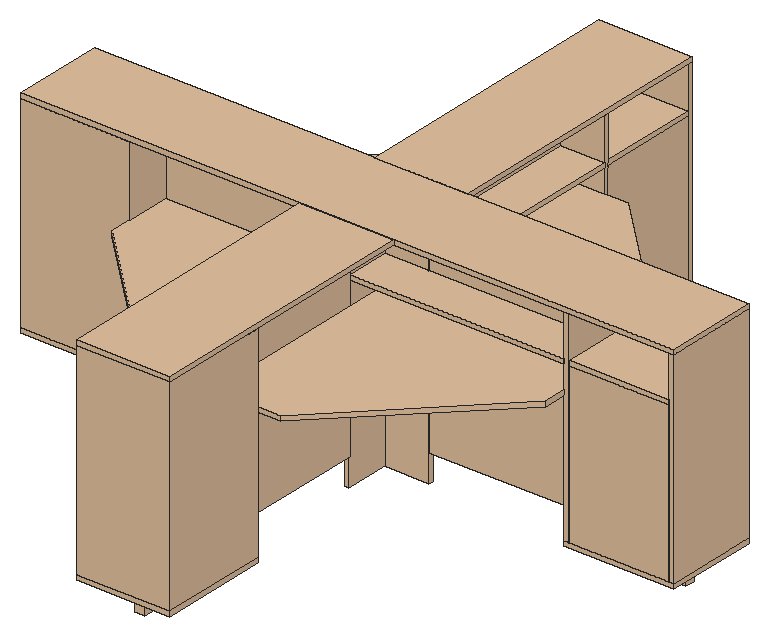
Revit family
Parameters
  Carrel Material = Wood
  Height = 1000 mm
  Height-Table = 700 mm
  Width = 400 mm
  Length = 930 mm
Reference planes
  plane 1 "Light Source Axis (F/B)": y = -375.68
  plane 2: z = 0
  plane 3 "Light Source Axis (L/R)": x = -1112.88
  plane 4 "Light Source Elevation": z = 900
  plane 5 "Center(Left/Right)": x = -372.88
  plane 6 "Center(Front/Back)": y = -275.68
  plane 7: x = -172.88
  plane 8: x = -572.88
  plane 9: y = -75.68
  plane 10: y = -475.68
  plane 11: y = 1124.32
  plane 12: y = -1675.68
  plane 13: x = -1772.88
  plane 14: x = 1027.12
  plane 15: z = 1000
  plane 16: z = 700
  plane 17: x = -1302.88
  plane 18: x = 557.12
  plane 19: y = 654.32
  plane 20: y = -1205.68
Forms (mm)
  Extrusion 1, solid, material "Wood" <- "Carrel Material"
    sketch origin (0, 0, 0) x (1, 0, 0) y (0, 1, 0)
      loop
        line (-1772.88, -75.68) -> (-1772.88, -475.68) -> (1027.12, -475.68) -> (1027.12, -75.68) -> (-1772.88, -75.68)
    from 1000 to 1020
  Extrusion 2, solid, material "Wood" <- "Carrel Material"
    sketch origin (0, 0, 0) x (1, 0, 0) y (0, 1, 0)
      loop
        line (-572.88, 1124.32) -> (-572.88, -75.68) -> (-172.88, -75.68) -> (-172.88, 1124.32) -> (-572.88, 1124.32)
      loop
        line (-572.88, -475.68) -> (-572.88, -1675.68) -> (-172.88, -1675.68) -> (-172.88, -475.68) -> (-572.88, -475.68)
    from 1000 to 1020
  Extrusion 3, solid, material "Wood" <- "Carrel Material"
    sketch origin (0, 0, 0) x (1, 0, 0) y (0, 1, 0)
      loop
        line (-572.88, -1675.68) -> (-172.88, -1675.68) -> (-172.88, -1205.68) -> (-362.88, -1205.68) -> (-362.88, -475.68) -> (-382.88, -475.68) -> (-382.88, -1205.68) -> (-572.88, -1205.68) -> (-572.88, -1225.68) -> (-192.88, -1225.68) -> (-192.88, -1655.68) -> (-572.88, -1655.68) -> (-572.88, -1675.68)
      loop
        line (-1772.88, -75.68) -> (-1772.88, -475.68) -> (-1302.88, -475.68) -> (-1302.88, -285.68) -> (-572.88, -285.68) -> (-572.88, -265.68) -> (-1302.88, -265.68) -> (-1302.88, -75.68) -> (-1322.88, -75.68) -> (-1322.88, -455.68) -> (-1752.88, -455.68) -> (-1752.88, -75.68) -> (-1772.88, -75.68)
      loop
        line (-172.88, 1124.32) -> (-572.88, 1124.32) -> (-572.88, 654.32) -> (-382.88, 654.32) -> (-382.88, -75.68) -> (-362.88, -75.68) -> (-362.88, 654.32) -> (-172.88, 654.32) -> (-172.88, 674.32) -> (-552.88, 674.32) -> (-552.88, 1104.32) -> (-172.88, 1104.32) -> (-172.88, 1124.32)
      loop
        line (557.12, -75.68) -> (557.12, -265.68) -> (-172.88, -265.68) -> (-172.88, -285.68) -> (557.12, -285.68) -> (557.12, -475.68) -> (576.138, -475.68) -> (576.138, -95.68) -> (1007.12, -95.68) -> (1007.12, -475.68) -> (1027.12, -475.68) -> (1027.12, -75.68) -> (557.12, -75.68)
    from 120 to 1000
  Extrusion 4, solid, material "Wood" <- "Carrel Material"
    sketch origin (0, 0, 0) x (1, 0, 0) y (0, 1, 0)
      loop
        line (-392.88, -1275.68) -> (-392.88, -1585.68) -> (-352.88, -1585.68) -> (-352.88, -1275.68) -> (-392.88, -1275.68)
      loop
        line (-392.88, 724.32) -> (-352.88, 724.32) -> (-352.88, 1034.32) -> (-392.88, 1034.32) -> (-392.88, 724.32)
      loop
        line (936.629, -295.68) -> (936.629, -255.68) -> (626.629, -255.68) -> (626.629, -295.68) -> (936.629, -295.68)
      loop
        line (-1682.39, -295.68) -> (-1372.39, -295.68) -> (-1372.39, -255.68) -> (-1682.39, -255.68) -> (-1682.39, -295.68)
    from 0 to 100
  Extrusion 5, solid, material "Wood" <- "Carrel Material"
    sketch origin (0, 0, 700) x (-1, 0, 0) y (0, 1, 0)
      loop
        line (362.88, -1205.68) -> (362.88, -285.68) -> (-557.12, -285.68) -> (-557.12, -575.68) -> (72.88, -1205.68) -> (362.88, -1205.68)
      loop
        line (362.88, 654.32) -> (72.88, 654.32) -> (-557.12, 24.32) -> (-557.12, -265.68) -> (362.88, -265.68) -> (362.88, 654.32)
      loop
        line (382.88, 654.32) -> (382.88, -265.68) -> (1302.88, -265.68) -> (1302.88, 24.32) -> (672.88, 654.32) -> (382.88, 654.32)
      loop
        line (382.88, -1205.68) -> (672.88, -1205.68) -> (1302.88, -575.68) -> (1302.88, -285.68) -> (382.88, -285.68) -> (382.88, -1205.68)
    from 0 to 20
  Extrusion 6, solid, material "Wood" <- "Carrel Material"
    sketch origin (0, 0, 0) x (1, 0, 0) y (0, 1, 0)
      loop
        line (-572.88, -265.68) -> (-572.88, -285.68) -> (-382.88, -285.68) -> (-382.88, -475.68) -> (-362.88, -475.68) -> (-362.88, -285.68) -> (-172.88, -285.68) -> (-172.88, -265.68) -> (-362.88, -265.68) -> (-362.88, -75.68) -> (-382.88, -75.68) -> (-382.88, -265.68) -> (-572.88, -265.68)
    from 0 to 1000
  Extrusion 7, solid, material "Wood" <- "Carrel Material"
    sketch origin (0, 0, 0) x (1, 0, 0) y (0, 1, 0)
      loop
        line (-1772.88, -75.68) -> (-1772.88, -475.68) -> (-1302.88, -475.68) -> (-1302.88, -75.68) -> (-1772.88, -75.68)
      loop
        line (-572.88, 1124.32) -> (-572.88, 654.32) -> (-172.88, 654.32) -> (-172.88, 1124.32) -> (-572.88, 1124.32)
      loop
        line (557.12, -75.68) -> (557.12, -475.68) -> (1027.12, -475.68) -> (1027.12, -75.68) -> (557.12, -75.68)
      loop
        line (-572.88, -1205.68) -> (-572.88, -1675.68) -> (-172.88, -1675.68) -> (-172.88, -1205.68) -> (-572.88, -1205.68)
    from 100 to 120
  Extrusion 8, solid, material "Wood" <- "Carrel Material"
    sketch origin (0, 0, 700) x (-1, 0, 0) y (0, 1, 0)
      loop
        line (572.88, -285.68) -> (382.88, -285.68) -> (382.88, -1205.68) -> (572.88, -1205.68) -> (572.88, -285.68)
      loop
        line (1302.88, -75.68) -> (382.88, -75.68) -> (382.88, -265.68) -> (1302.88, -265.68) -> (1302.88, -75.68)
      loop
        line (172.88, 654.32) -> (172.88, -265.68) -> (362.88, -265.68) -> (362.88, 654.32) -> (172.88, 654.32)
      loop
        line (362.88, -475.68) -> (362.88, -285.68) -> (-557.12, -285.68) -> (-557.12, -475.68) -> (362.88, -475.68)
    from -100 to -120
  Extrusion 9, solid, material "Wood" <- "Carrel Material"
    sketch origin (0, 0, 0) x (1, 0, 0) y (0, 1, 0)
      loop
        line (-1752.88, -75.68) -> (-1752.88, -455.68) -> (-1322.88, -455.68) -> (-1322.88, -75.68) -> (-1752.88, -75.68)
      loop
        line (-552.88, 1104.32) -> (-552.88, 674.32) -> (-172.88, 674.32) -> (-172.88, 1104.32) -> (-552.88, 1104.32)
      loop
        line (-572.88, -1225.68) -> (-572.88, -1655.68) -> (-192.88, -1655.68) -> (-192.88, -1225.68) -> (-572.88, -1225.68)
      loop
        line (576.138, -95.68) -> (576.138, -475.68) -> (1007.12, -475.68) -> (1007.12, -95.68) -> (576.138, -95.68)
    from 800 to 820
  Extrusion 10, solid, material "Wood" <- "Carrel Material"
    sketch origin (0, 0, 0) x (1, 0, 0) y (0, 1, 0)
      loop
        line (-1752.88, -75.68) -> (-1752.88, -95.68) -> (-1322.88, -95.68) -> (-1322.88, -75.68) -> (-1752.88, -75.68)
      loop
        line (576.138, -475.68) -> (1007.12, -475.68) -> (1007.12, -455.68) -> (576.138, -455.68) -> (576.138, -475.68)
      loop
        line (-572.88, -1225.68) -> (-572.88, -1655.68) -> (-552.88, -1655.68) -> (-552.88, -1225.68) -> (-572.88, -1225.68)
      loop
        line (-172.88, 1104.32) -> (-192.88, 1104.32) -> (-192.88, 674.32) -> (-172.88, 674.32) -> (-172.88, 1104.32)
    from 120 to 800
Lines and regions (mm)
  Masking region 1
    outline origin (0, 0, 0) x (1, 0, 0) y (0, 1, 0)
      loop
        line (1027.12, -75.68) -> (557.12, -75.68) -> (557.12, 24.32) -> (-72.88, 654.32) -> (-172.88, 654.32) -> (-172.88, 1124.32) -> (-572.88, 1124.32) -> (-572.88, 654.32) -> (-672.88, 654.32) -> (-1302.88, 24.32) -> (-1302.88, -75.68) -> (-1772.88, -75.68) -> (-1772.88, -475.68) -> (-1302.88, -475.68) -> (-1302.88, -575.68) -> (-672.88, -1205.68) -> (-572.88, -1205.68) -> (-572.88, -1675.68) -> (-172.88, -1675.68) -> (-172.88, -1205.68) -> (-72.88, -1205.68) -> (557.12, -575.68) -> (557.12, -475.68) -> (1027.12, -475.68) -> (1027.12, -75.68)
  symbolic lines
    curve 1: line (-1772.88, -75.68, 0) -> (1027.12, -75.68, 0)
    curve 2: line (-1772.88, -475.68, 0) -> (-1772.88, -75.68, 0)
    curve 3: line (1027.12, -475.68, 0) -> (-1772.88, -475.68, 0)
    curve 4: line (1027.12, -75.68, 0) -> (1027.12, -475.68, 0)
    curve 5: line (-572.88, 1124.32, 0) -> (-572.88, -75.68, 0)
    curve 6: line (-172.88, 1124.32, 0) -> (-172.88, -75.68, 0)
    curve 7: line (-572.88, 1124.32, 0) -> (-172.88, 1124.32, 0)
    curve 8: line (-572.88, -475.68, 0) -> (-572.88, -1675.68, 0)
    curve 9: line (-172.88, -475.68, 0) -> (-172.88, -1675.68, 0)
    curve 10: line (-572.88, -1675.68, 0) -> (-172.88, -1675.68, 0)
    curve 11: line (-1302.88, -75.68, 0) -> (-1302.88, 24.32, 0)
    curve 12: line (-1302.88, 24.32, 0) -> (-672.88, 654.32, 0)
    curve 13: line (-672.88, 654.32, 0) -> (-572.88, 654.32, 0)
    curve 14: line (-172.88, 654.32, 0) -> (-72.88, 654.32, 0)
    curve 15: line (-72.88, 654.32, 0) -> (557.12, 24.32, 0)
    curve 16: line (557.12, 24.32, 0) -> (557.12, -75.68, 0)
    curve 17: line (-172.88, -1205.68, 0) -> (-72.88, -1205.68, 0)
    curve 18: line (-72.88, -1205.68, 0) -> (557.12, -575.68, 0)
    curve 19: line (557.12, -475.68, 0) -> (557.12, -575.68, 0)
    curve 20: line (-1302.88, -475.68, 0) -> (-1302.88, -575.68, 0)
    curve 21: line (-672.88, -1205.68, 0) -> (-572.88, -1205.68, 0)
    curve 22: line (-1302.88, -575.68, 0) -> (-672.88, -1205.68, 0)
Dimensions and locks
  equal spacing: plane 8, plane 5 "Center(Left/Right)", plane 7
  "Width": plane 8 to plane 7
  equal spacing: plane 10, plane 6 "Center(Front/Back)", plane 9
  "Width": plane 10 to plane 9
  "Height-Table": plane 16 to plane 2
  "Height": plane 15 to plane 2
  locked: Extrusion 1 to plane 15 at 20
  locked: Extrusion 2 to Extrusion 2 at 20
  locked: plane 13 to Extrusion 4 sketch curve at 90.491
  locked: Extrusion 4 sketch curve to Extrusion 4 sketch curve at 310
  Extrusion 4 sketch curve to Extrusion 4 sketch curve to plane 14 = 310 mm locked, 90.491 mm locked
  Extrusion 4 sketch curve to Extrusion 4 sketch curve to plane 11 = 310 mm locked, 90 mm locked
  Extrusion 4 sketch curve to Extrusion 4 sketch curve to plane 12 = 310 mm locked, 90 mm locked
  "Length": plane 17 to plane 5 "Center(Left/Right)"
  "Length": plane 5 "Center(Left/Right)" to plane 18
  locked: plane 13 to plane 17 at 470
  locked: plane 18 to plane 14 at 470
  locked: plane 19 to plane 11 at 470
  locked: plane 12 to plane 20 at 470
  "Length": plane 6 "Center(Front/Back)" to plane 19
  "Length": plane 6 "Center(Front/Back)" to plane 20
  locked: plane 9 to Extrusion 5 sketch curve at 100  (x2)
  locked: Extrusion 5 sketch curve to plane 10 at 100  (x2)
  locked: Extrusion 5 sketch curve to plane 8 at 100  (x2)
  locked: plane 7 to Extrusion 5 sketch curve at 100  (x2)
  aligned and locked: plane 13 to Extrusion 1 sketch curve
  aligned and locked: Extrusion 1 sketch curve to plane 9
  aligned and locked: plane 10 to Extrusion 1 sketch curve
  aligned and locked: Extrusion 1 sketch curve to plane 14
  aligned and locked: plane 8 to Extrusion 2 sketch curve
  aligned and locked: plane 11 to Extrusion 2 sketch curve
  aligned and locked: plane 9 to Extrusion 2 sketch curve
  aligned and locked: Extrusion 2 sketch curve to plane 7
  aligned and locked: Extrusion 2 sketch curve to plane 8
  aligned and locked: Extrusion 2 sketch curve to plane 10
  aligned and locked: plane 12 to Extrusion 2 sketch curve
  aligned and locked: plane 7 to Extrusion 2 sketch curve
  aligned and locked: Extrusion 2 to Extrusion 3 sketch curve  (x5)
  aligned and locked: Extrusion 3 sketch curve to Extrusion 2  (x4)
  aligned and locked: Extrusion 1 to Extrusion 3 sketch curve  (x2)
  aligned and locked: Extrusion 3 sketch curve to Extrusion 1  (x3)
  aligned and locked: Extrusion 3 to plane 15
  aligned and locked: Extrusion 1 to plane 13
  aligned and locked: Extrusion 1 to plane 14
  aligned and locked: Extrusion 2 to plane 11
  aligned and locked: plane 12 to Extrusion 2
  aligned and locked: Extrusion 3 to Extrusion 1
  aligned and locked: Extrusion 3 sketch curve to Extrusion 3 sketch curve
  aligned and locked: Extrusion 3 sketch curve to plane 8
  aligned and locked: plane 8 to Extrusion 3 sketch curve
  aligned and locked: Extrusion 5 sketch curve to Extrusion 3  (x8)
  aligned and locked: Extrusion 6 sketch curve to Extrusion 3  (x11)
  aligned and locked: Extrusion 3 to Extrusion 6 sketch curve  (x4)
  aligned and locked: Extrusion 6 sketch curve to Extrusion 5  (x3)
  aligned and locked: plane 15 to Extrusion 6
  aligned and locked: Extrusion 1 to Extrusion 2
  aligned and locked: plane 17 to Extrusion 5 sketch curve
  aligned and locked: plane 18 to Extrusion 5 sketch curve
  aligned and locked: Extrusion 3 sketch curve to plane 18
  aligned and locked: plane 18 to Extrusion 3 sketch curve
  aligned and locked: Extrusion 3 to Extrusion 5 sketch curve  (x3)
  aligned and locked: plane 20 to Extrusion 3
  aligned and locked: Extrusion 3 sketch curve to plane 19
  aligned and locked: plane 19 to Extrusion 3 sketch curve
  aligned and locked: Extrusion 7 sketch curve to Extrusion 1  (x3)
  aligned and locked: Extrusion 3 to Extrusion 7 sketch curve  (x2)
  aligned and locked: Extrusion 7 sketch curve to Extrusion 3  (x6)
  aligned and locked: Extrusion 7 sketch curve to Extrusion 2  (x3)
  aligned and locked: Extrusion 1 to Extrusion 7 sketch curve
  aligned and locked: Extrusion 2 to Extrusion 7 sketch curve
  aligned and locked: Extrusion 8 sketch curve to Extrusion 3
  aligned and locked: Extrusion 3 to Extrusion 8 sketch curve  (x3)
  aligned and locked: Extrusion 5 to Extrusion 8 sketch curve  (x3)
  aligned and locked: Extrusion 8 sketch curve to Extrusion 5  (x5)
  aligned and locked: Extrusion 7 to Extrusion 8 sketch curve  (x2)
  aligned and locked: Extrusion 8 sketch curve to Extrusion 7  (x2)
  aligned and locked: Extrusion 3 to Extrusion 9 sketch curve  (x3)
  aligned and locked: Extrusion 9 sketch curve to Extrusion 3  (x13)
  aligned and locked: Extrusion 3 to Extrusion 10 sketch curve  (x3)
  aligned and locked: Extrusion 10 sketch curve to Extrusion 9  (x3)
  aligned and locked: Extrusion 10 sketch curve to Extrusion 3  (x5)
  aligned and locked: Extrusion 9 to Extrusion 10 sketch curve
  aligned and locked: Extrusion 3 to Extrusion 10
  aligned and locked: Extrusion 10 to Extrusion 9
  aligned and locked: curve 1 to Extrusion 1  (x2)
  aligned and locked: Extrusion 1 to curve 4
  aligned and locked: curve 4 to Extrusion 1
  aligned and locked: Extrusion 2 to curve 5
  aligned and locked: curve 5 to Extrusion 2
  aligned and locked: curve 6 to Extrusion 2  (x2)
  aligned and locked: curve 8 to Extrusion 2
  aligned and locked: curve 9 to Extrusion 2
  aligned and locked: curve 10 to Extrusion 2
  aligned and locked: curve 1 to curve 11
  aligned and locked: Extrusion 5 to curve 11
  aligned and locked: Extrusion 7 to curve 11
  aligned and locked: curve 13 to Extrusion 5
  aligned and locked: curve 6 to curve 14
  aligned and locked: Extrusion 5 to curve 14
  aligned and locked: Extrusion 7 to curve 14
  aligned and locked: curve 16 to Extrusion 5
  aligned and locked: curve 9 to curve 17
  aligned and locked: curve 17 to Extrusion 7
  aligned and locked: curve 18 to Extrusion 5
  aligned and locked: Extrusion 7 to curve 19
  aligned and locked: curve 3 to curve 20
  aligned and locked: curve 20 to Extrusion 5
  aligned and locked: curve 20 to Extrusion 7
  aligned and locked: Extrusion 5 to curve 21
  aligned and locked: curve 21 to Extrusion 5
  aligned and locked: Masking region 1 sketch curve to Extrusion 1  (x3)
  aligned and locked: Masking region 1 sketch curve to Extrusion 5  (x8)
  aligned and locked: Extrusion 5 to Masking region 1 sketch curve  (x4)
  aligned and locked: Masking region 1 sketch curve to Extrusion 2  (x4)
  aligned and locked: Extrusion 2 to Masking region 1 sketch curve  (x2)
  aligned and locked: Extrusion 1 to Masking region 1 sketch curve
Automatic sketch dimensions
  plane 5 "Center(Left/Right)" to Extrusion 4 sketch curve = 20 mm  (x2)
  Extrusion 4 sketch curve to plane 5 "Center(Left/Right)" = 20 mm  (x2)
  Extrusion 4 sketch curve to plane 6 "Center(Front/Back)" = 20 mm  (x2)
  plane 6 "Center(Front/Back)" to Extrusion 4 sketch curve = 20 mm  (x2)
  Extrusion 3 sketch curve to plane 9 = 0 mm
  Extrusion 3 sketch curve to plane 17 = 0 mm
  Extrusion 3 sketch curve to plane 20 = 0 mm  (x2)
  Extrusion 3 sketch curve to plane 10 = 0 mm  (x2)
  Extrusion 3 sketch curve to plane 7 = 0 mm  (x3)
  Extrusion 3 sketch curve to Extrusion 3 sketch curve = 20 mm  (x3)
  Extrusion 3 sketch curve to plane 17 = 20 mm
  plane 8 to Extrusion 3 sketch curve = 20 mm
  plane 5 "Center(Left/Right)" to Extrusion 3 sketch curve = 10 mm  (x2)
  Extrusion 3 sketch curve to plane 5 "Center(Left/Right)" = 10 mm  (x2)
  Extrusion 3 sketch curve to plane 7 = 20 mm
  Extrusion 3 sketch curve to Extrusion 3 sketch curve = 19.019 mm
  Extrusion 3 sketch curve to plane 12 = 20 mm
  plane 20 to Extrusion 3 sketch curve = 20 mm
  Extrusion 3 sketch curve to plane 10 = 20 mm
  Extrusion 3 sketch curve to plane 6 "Center(Front/Back)" = 10 mm  (x2)
  plane 6 "Center(Front/Back)" to Extrusion 3 sketch curve = 10 mm  (x2)
  plane 9 to Extrusion 3 sketch curve = 20 mm
  plane 11 to Extrusion 3 sketch curve = 20 mm
  plane 6 "Center(Front/Back)" to Extrusion 5 sketch curve = 10 mm  (x2)
  Extrusion 5 sketch curve to plane 6 "Center(Front/Back)" = 10 mm
  plane 8 to Extrusion 10 sketch curve = 20 mm
  Extrusion 10 sketch curve to Extrusion 10 sketch curve = 20 mm  (x3)
  curve 15 to curve 16 = 100 mm
  curve 13 to plane 8 = 100 mm
  Masking region 1 sketch curve to plane 9 = 0 mm
  Masking region 1 sketch curve to plane 7 = 0 mm
  Masking region 1 sketch curve to plane 10 = 0 mm
